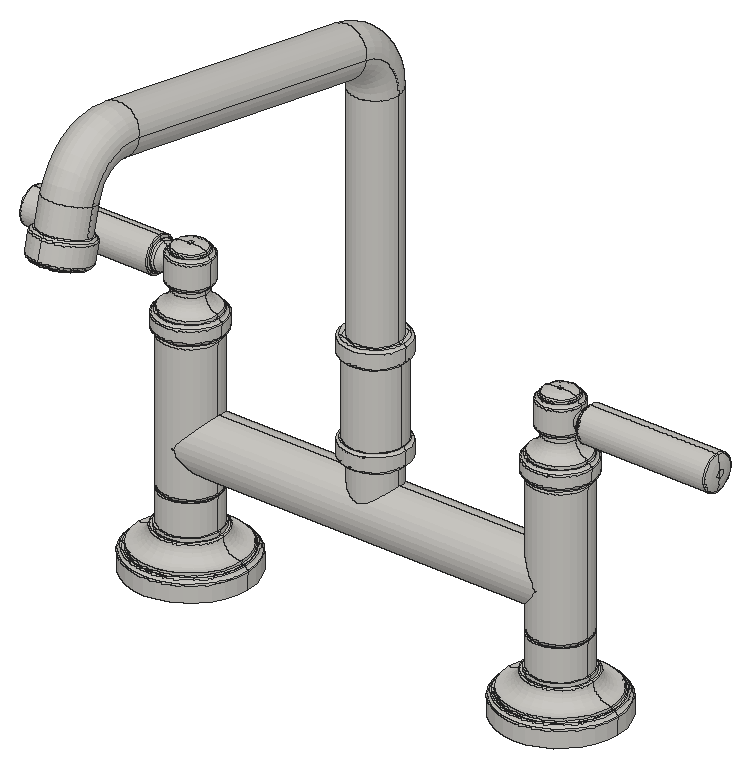
Revit family "Faucet-Kitchen-KALLISTA-Quincy-P25001", category Plumbing Fixtures, host Face, Revit 2022
Family settings
  Host = Face
  Round Connector Dimension = Use Diameter
  Part Type = Normal
  OmniClass Number = 23.31.11.00
  OmniClass Title = Faucets
  Cut with Voids When Loaded = No
  Maintain Annotation Orientation = No
  Shared = No
  Room Calculation Point = No
Parameters (values of type "AD-Nickel Silver")
  Width = Faucet Hole Spacing  # 8"
  WaterSense Certified = 1 = 0  # no
  Waste Water Outlet = "Waste Water Outlet"  # constant formula
  Waste Connection = 1 = 0  # no
  Vent Connection = 1 = 0  # no
  URL = "https://www.kallista.com/"
  Type = 1
  Spout Reach = 8.62205"  # constant formula
  Product Page URL = "https://www.kallista.com/products/luxury-kitchen/faucets/kitchen/quincy-deck-mount-bridge-faucet-lever-handles-p25001-00/ad-nickel-silver"
  Product Name = "Quincy"  # constant formula
  Product Documentation Link = "https://techcomm.kohler.com/techcomm/pdf/1140092-4.pdf"
  Pressure = 60.00 psi  # constant formula
  Model = if(Type = 1, "P25001-00-AD", if(Type = 2, "P25001-00-AG", if(Type = 3, "P25001-00-CP", if(Type = 4, "P25001-00-ULB", "NA"))))  # "P25001-00-AD"
  Material = "Premium Metal Construction"  # constant formula
  Master Format 2014 Name = "Residential Faucets, Supplies, and Trim"  # constant formula
  Master Format 2014 = "22 41 39"  # constant formula
  Manufacturer Address = "444 Highland Dr, Kohler, WI 53044"  # constant formula
  Manufacturer = "Kallista Co."  # constant formula
  Length = Spout Reach  # 8.62205"
  Hot Water Inlet = "Hot Water Inlet"  # constant formula
  Height = 13.46457"  # constant formula
  Handle Clearance = 3.44016"  # constant formula
  HW Connection = 1 = 1  # yes
  Flow Rate = 1.75 GPM  # constant formula
  Finish = Kallista-Metal-AD-Nickel_Silver
  Faucet Hole Spacing = 8"  # constant formula
  Environmental Product Declaration = ""
  Drain Included = 1 = 0  # no
  Description = "Deck-Mount Bridge Faucet, Lever Handles "  # constant formula
  Default Elevation = 36"
  Declare Label = ""
  Date Modified = "05/11/2025"  # constant formula
  Date Created = "05/11/2025"  # constant formula
  Copyright = "Copyright Kallista Co."  # constant formula
  Contact Us = "https://www.kallista.com/corporate/contact-us/"
  Cold Water Inlet = "Cold Water Inlet"  # constant formula
  CW Connection = 1 = 1  # yes
  Assembly Code = "D2010"
  ADA Compliant = 1 = 1  # yes
Reference planes (in)
  plane 1 "Center (Front/Back)": y = 0
  plane 2: z = 0
  plane 3 "Center (Left/Right)": x = 0
  plane 4: y = 1.12008
  plane 5: y = -1.12008
  plane 6: x = 2.74606
  plane 7: y = 0.59449
  plane 8: y = -0.59449
  plane 9: x = -2.74606
  plane 10: x = -5.24606
  plane 11: y = -8.64961
  plane 12: x = -0.5
  plane 13: x = 0.5
  plane 14: x = 3.40748
  plane 15: x = 5.24606
  plane 16: x = -4
  plane 17: x = 4
  plane 18: z = 6.29134
  plane 19: z = 8.74803
  plane 20: y = -8.14961
  plane 21: x = 4.59252
  plane 22: x = -3.40748
  plane 23: z = 5.3189
  plane 24: y = 0.13976
  plane 25: y = -0.13976
  plane 26: x = -4.59252
  plane 27: y = 1.22244
  plane 28: y = -1.27756
  plane 29: x = 7.44016
  plane 30: x = -7.44016
  plane 31: y = -9.13278
  plane 32: z = 13.46457
Dimensions and locks (in)
  plane 4 to plane 5 = 2.24016"
  "Width": plane 16 to plane 17
  plane 24 to plane 25 = 0.27953"
  plane 12 to plane 13 = 1"
  plane 8 to plane 7 = 1.18898"
  plane 18 to level = 6.29134"
  plane 23 to level = 5.3189"
  plane 26 to plane 22 = 1.18504"
  plane 19 to level = 8.74803"
  "Height": plane 32 to level
  "Handle Clearance": plane 30 to plane 16
  "Handle Clearance": plane 17 to plane 29
  "Length": nested 1 to plane 11
  aligned and locked: plane 2 to host face
  aligned and locked: level to host face
  aligned and locked: plane 3 "Center (Left/Right)" to nested 1
Automatic sketch dimensions
  host sketch curve to host sketch curve = 96"  (x2)
Nested families (in)
  nested 1: "P25001" at (0, -0.02756, 0), type "P25001"
Connectors (in)
  piping at (-4, 0, 0), diameter 0.375, driven by "Flow Rate", driven by "Pressure", driven by "HW Connection", driven by "Hot Water Inlet"
    settings: on nested 1, index 1, connector inside diameter 24", connector length 0", flow factor 0, pipe flow 1.75 GPM, pressure drop 60.00 psi, fitting loss kfactor 0, connector angle 0.00°, fixture units 0, engagement length 0", angle of deflection 0.00°, flow configuration 1, flow direction 1, fitting loss method 4, system type 19, joint type 0, gender type 0, connector reference index -1, connector utility 1, adjustable connector no, is connector primary yes, connector description "Hot Water Inlet"
  piping at (4, 0, 0), diameter 0.375, driven by "Pressure", driven by "Flow Rate", driven by "CW Connection", driven by "Cold Water Inlet"
    settings: on nested 1, index 2, connector inside diameter 24", connector length 0", flow factor 0, pipe flow 1.75 GPM, pressure drop 60.00 psi, fitting loss kfactor 0, connector angle 0.00°, fixture units 0, engagement length 0", angle of deflection 0.00°, flow configuration 0, flow direction 1, fitting loss method 4, system type 20, joint type 0, gender type 0, connector reference index -1, connector utility 1, adjustable connector no, is connector primary no, connector description "Cold Water Inlet"
Definition of nested family "P25001"
  Parameters (values of type "P25001")
    Material = none
    Default Elevation = 0"
  Reference planes (in)
    plane 1 "Center (Front/Back)": y = 0
    plane 2: z = 0
    plane 3 "Center (Left/Right)": x = 0
    plane 4: z = 13.46457
    plane 5: x = -3.99606
    plane 6: x = 3.99606
    plane 7: z = 5.48425
    plane 8: z = 6.27165
    plane 9: x = -0.5
    plane 10: x = 0.5
    plane 11: y = 1.25
    plane 12: y = -1.25
    plane 13: y = -8.53937
    plane 14: y = -9.10522
    plane 15: x = -5.24606
    plane 16: x = -2.74606
    plane 17: x = 5.24606
    plane 18: x = 2.74606
    plane 19: x = -7.44026
    plane 20: x = 7.44026
    plane 21: z = 5.81947
    plane 22: z = 2.55906
  Forms (in)
    Revolve 1, solid, material <- "Material", detail levels medium+fine
      sketch origin (0, 0, 0) x (1, 0, 0) y (0, 0, 1)
        loop
          line (-3.99606, 0) -> (-3.99606, 6.27165) -> (-4.05148, 6.27165)
          arc (-4.05148, 6.27165) -> (-4.19229, 6.25713) -> (-4.32717, 6.21416) r 0.68978
          arc (-4.32717, 6.21416) -> (-4.33929, 6.20394) -> (-4.34382, 6.18874) r 0.02773
          line (-4.34382, 6.18874) -> (-4.34382, 6.15134) -> (-4.38074, 6.15134)
          arc (-4.38074, 6.15134) -> (-4.39412, 6.11167) -> (-4.42879, 6.08822) r 0.06548
          arc (-4.42879, 6.08822) -> (-4.44136, 6.07972) -> (-4.44621, 6.06534) r 0.02374
          line (-4.44621, 6.06534) -> (-4.44621, 5.58727)
          arc (-4.44621, 5.58727) -> (-4.44136, 5.57289) -> (-4.42879, 5.56439) r 0.02374
          arc (-4.42879, 5.56439) -> (-4.39412, 5.54094) -> (-4.38074, 5.50127) r 0.06548
          line (-4.38074, 5.50127) -> (-4.33483, 5.50127) -> (-4.33483, 5.39059)
          arc (-4.33483, 5.39059) -> (-4.40194, 5.19192) -> (-4.57576, 5.07463) r 0.32765
          line (-4.57576, 5.07463) -> (-4.57576, 5.02027) -> (-4.61865, 5.02027)
          arc (-4.61865, 5.02027) -> (-4.63203, 4.98061) -> (-4.6667, 4.95716) r 0.06548
          arc (-4.6667, 4.95716) -> (-4.67927, 4.94865) -> (-4.68412, 4.93427) r 0.02374
          line (-4.68412, 4.93427) -> (-4.68412, 4.70227)
          arc (-4.68412, 4.70227) -> (-4.67927, 4.68789) -> (-4.6667, 4.67939) r 0.02374
          arc (-4.6667, 4.67939) -> (-4.63203, 4.65593) -> (-4.61865, 4.61627) r 0.06548
          line (-4.61865, 4.61627) -> (-4.58261, 4.61627)
          arc (-4.58261, 4.61627) -> (-4.56533, 4.60936) -> (-4.55759, 4.59244) r 0.02505
          arc (-4.55759, 4.59244) -> (-4.5842, 4.57382) -> (-4.59441, 4.54298) r 0.05163
          line (-4.59441, 4.54298) -> (-4.59441, 1.62914)
          arc (-4.59441, 1.62914) -> (-4.58472, 1.60486) -> (-4.56097, 1.59394) r 0.03524
          line (-4.56097, 1.59394) -> (-4.56097, 1.56116) -> (-4.59441, 1.56116) -> (-4.59441, 0.91091) -> (-4.63331, 0.91091) -> (-4.63331, 0.84032) -> (-4.68065, 0.84032)
          arc (-4.68065, 0.84032) -> (-4.69676, 0.83418) -> (-4.70469, 0.81888) r 0.0242
          arc (-4.70469, 0.81888) -> (-4.83758, 0.57761) -> (-5.1016, 0.4991) r 0.36301
          line (-5.1016, 0.4991) -> (-5.1016, 0.45203)
          arc (-5.1016, 0.45203) -> (-5.10771, 0.43731) -> (-5.12243, 0.4312) r 0.02083
          line (-5.12243, 0.4312) -> (-5.15812, 0.4312)
          arc (-5.15812, 0.4312) -> (-5.17262, 0.42654) -> (-5.18167, 0.4143) r 0.02486
          arc (-5.18167, 0.4143) -> (-5.20061, 0.38068) -> (-5.23054, 0.35632) r 0.10357
          arc (-5.23054, 0.35632) -> (-5.24189, 0.34544) -> (-5.24606, 0.33028) r 0.0296
          line (-5.24606, 0.33028) -> (-5.24606, 0) -> (-3.99606, 0)
        axis (-3.99606, 0) -> (-3.99606, 6.27165)
      angle from 0 to 360
    Revolve 2, solid, material <- "Material", detail levels medium+fine
      sketch origin (0, 0, 0) x (1, 0, 0) y (0, 0, 1)
        loop
          line (-7.44026, 5.81947) -> (-3.99606, 5.81947) -> (-3.99606, 6.01389) -> (-4.30655, 6.01389)
          arc (-4.30655, 6.01389) -> (-4.45538, 6.01065) -> (-4.56861, 6.10729) r 0.20899
          arc (-4.56861, 6.10729) -> (-4.58024, 6.11933) -> (-4.59639, 6.12376) r 0.03166
          line (-4.59639, 6.12376) -> (-4.64394, 6.12376) -> (-4.64394, 6.16679)
          arc (-4.64394, 6.16679) -> (-4.64983, 6.18102) -> (-4.66406, 6.18691) r 0.02012
          line (-4.66406, 6.18691) -> (-7.36715, 6.18691)
          arc (-7.36715, 6.18691) -> (-7.38316, 6.18184) -> (-7.39332, 6.16846) r 0.02778
          arc (-7.39332, 6.16846) -> (-7.42844, 6.0348) -> (-7.44026, 5.8971) r 0.80776
          line (-7.44026, 5.8971) -> (-7.44026, 5.81947)
        axis (-7.44026, 5.81947) -> (-3.99606, 5.81947)
      angle from 0 to 360
    Revolve 3, solid, material <- "Material", detail levels medium+fine
      sketch origin (0, 0, 0) x (-1, 0, 0) y (0, 0, -1)
        loop
          line (-3.99606, 0) -> (-5.24606, 0) -> (-5.24606, -0.33028)
          arc (-5.24606, -0.33028) -> (-5.24189, -0.34544) -> (-5.23054, -0.35632) r 0.0296
          arc (-5.23054, -0.35632) -> (-5.20061, -0.38068) -> (-5.18167, -0.4143) r 0.10357
          arc (-5.18167, -0.4143) -> (-5.17262, -0.42654) -> (-5.15812, -0.4312) r 0.02486
          line (-5.15812, -0.4312) -> (-5.12243, -0.4312)
          arc (-5.12243, -0.4312) -> (-5.10771, -0.43731) -> (-5.1016, -0.45203) r 0.02083
          line (-5.1016, -0.45203) -> (-5.1016, -0.4991)
          arc (-5.1016, -0.4991) -> (-4.83758, -0.57761) -> (-4.70469, -0.81888) r 0.36301
          arc (-4.70469, -0.81888) -> (-4.69676, -0.83418) -> (-4.68065, -0.84032) r 0.0242
          line (-4.68065, -0.84032) -> (-4.63331, -0.84032) -> (-4.63331, -0.91091) -> (-4.59441, -0.91091) -> (-4.59441, -1.56116) -> (-4.56097, -1.56116) -> (-4.56097, -1.59394)
          arc (-4.56097, -1.59394) -> (-4.58472, -1.60486) -> (-4.59441, -1.62914) r 0.03524
          line (-4.59441, -1.62914) -> (-4.59441, -4.54298)
          arc (-4.59441, -4.54298) -> (-4.5842, -4.57382) -> (-4.55759, -4.59244) r 0.05163
          arc (-4.55759, -4.59244) -> (-4.56533, -4.60936) -> (-4.58261, -4.61627) r 0.02505
          line (-4.58261, -4.61627) -> (-4.61865, -4.61627)
          arc (-4.61865, -4.61627) -> (-4.63203, -4.65593) -> (-4.6667, -4.67939) r 0.06548
          arc (-4.6667, -4.67939) -> (-4.67927, -4.68789) -> (-4.68412, -4.70227) r 0.02374
          line (-4.68412, -4.70227) -> (-4.68412, -4.93427)
          arc (-4.68412, -4.93427) -> (-4.67927, -4.94865) -> (-4.6667, -4.95716) r 0.02374
          arc (-4.6667, -4.95716) -> (-4.63203, -4.98061) -> (-4.61865, -5.02027) r 0.06548
          line (-4.61865, -5.02027) -> (-4.57576, -5.02027) -> (-4.57576, -5.07463)
          arc (-4.57576, -5.07463) -> (-4.40194, -5.19192) -> (-4.33483, -5.39059) r 0.32765
          line (-4.33483, -5.39059) -> (-4.33483, -5.50127) -> (-4.38074, -5.50127)
          arc (-4.38074, -5.50127) -> (-4.39412, -5.54094) -> (-4.42879, -5.56439) r 0.06548
          arc (-4.42879, -5.56439) -> (-4.44136, -5.57289) -> (-4.44621, -5.58727) r 0.02374
          line (-4.44621, -5.58727) -> (-4.44621, -6.06534)
          arc (-4.44621, -6.06534) -> (-4.44136, -6.07972) -> (-4.42879, -6.08822) r 0.02374
          arc (-4.42879, -6.08822) -> (-4.39412, -6.11167) -> (-4.38074, -6.15134) r 0.06548
          line (-4.38074, -6.15134) -> (-4.34382, -6.15134) -> (-4.34382, -6.18874)
          arc (-4.34382, -6.18874) -> (-4.33929, -6.20394) -> (-4.32717, -6.21416) r 0.02773
          arc (-4.32717, -6.21416) -> (-4.19229, -6.25713) -> (-4.05148, -6.27165) r 0.68978
          line (-4.05148, -6.27165) -> (-3.99606, -6.27165) -> (-3.99606, 0)
        axis (-3.99606, 0) -> (-3.99606, -6.27165)
      angle from 0 to 360
    Revolve 4, solid, material <- "Material", detail levels medium+fine
      sketch origin (0, 0, 0) x (-1, 0, 0) y (0, 0, -1)
        loop
          line (-7.44026, -5.81947) -> (-7.44026, -5.8971)
          arc (-7.44026, -5.8971) -> (-7.42844, -6.0348) -> (-7.39332, -6.16846) r 0.80776
          arc (-7.39332, -6.16846) -> (-7.38316, -6.18184) -> (-7.36715, -6.18691) r 0.02778
          line (-7.36715, -6.18691) -> (-4.66406, -6.18691)
          arc (-4.66406, -6.18691) -> (-4.64983, -6.18102) -> (-4.64394, -6.16679) r 0.02012
          line (-4.64394, -6.16679) -> (-4.64394, -6.12376) -> (-4.59639, -6.12376)
          arc (-4.59639, -6.12376) -> (-4.58024, -6.11933) -> (-4.56861, -6.10729) r 0.03166
          arc (-4.56861, -6.10729) -> (-4.45538, -6.01065) -> (-4.30655, -6.01389) r 0.20899
          line (-4.30655, -6.01389) -> (-3.99606, -6.01389) -> (-3.99606, -5.81947) -> (-7.44026, -5.81947)
        axis (-7.44026, -5.81947) -> (-3.99606, -5.81947)
      angle from 0 to 360
    Revolve 5, solid, material <- "Material", detail levels medium+fine
      sketch origin (0, 0, 0) x (1, 0, 0) y (0, 0, 1)
        loop
          line (-3.99606, 2.55906) -> (3.99606, 2.55906) -> (3.99606, 3.14961) -> (-3.99606, 3.14961) -> (-3.99606, 2.55906)
        axis (-3.99606, 2.55906) -> (3.99606, 2.55906)
      angle from 0 to 360
    Revolve 6, solid, material <- "Material", detail levels medium+fine
      sketch origin (0, 0, 0) x (1, 0, 0) y (0, 0, 1)
        loop
          line (0, 2.51649) -> (0, 5.93137) -> (-0.57689, 5.93137) -> (-0.61283, 5.93137)
          arc (-0.61283, 5.93137) -> (-0.62756, 5.89579) -> (-0.66314, 5.88106) r 0.05031
          line (-0.66314, 5.88106) -> (-0.66314, 5.59792)
          arc (-0.66314, 5.59792) -> (-0.62756, 5.58318) -> (-0.61283, 5.54761) r 0.05031
          line (-0.61283, 5.54761) -> (-0.58046, 5.54761) -> (-0.58046, 3.9346) -> (-0.61283, 3.9346)
          arc (-0.61283, 3.9346) -> (-0.62756, 3.89902) -> (-0.66314, 3.88429) r 0.05031
          line (-0.66314, 3.88429) -> (-0.66314, 3.60115)
          arc (-0.66314, 3.60115) -> (-0.62756, 3.58641) -> (-0.61283, 3.55084) r 0.05031
          line (-0.61283, 3.55084) -> (-0.5, 3.55084) -> (-0.5, 2.51649) -> (0, 2.51649)
        axis (0, 2.51649) -> (0, 5.93137)
      angle from 0 to 360
    Sweep 7, solid, material <- "Material", detail levels medium+fine
      path origin (0, 0, 0) x (0, 1, 0) y (0, 0, 1)
        loop
          line (0.49193, 5.93137) -> (0.49193, 10.69918)
          arc (0.49193, 10.69918) -> (0.13229, 11.70088) -> (-0.78238, 12.24505) r 1.5748
          line (-0.78238, 12.24505) -> (-6.91339, 13.43679)
          arc (-6.91339, 13.43679) -> (-8.04839, 13.22643) -> (-8.73502, 12.29851) r 1.5748
          line (-8.73502, 12.29851) -> (-8.89938, 11.68509)
      profile origin (0, 0.49193, 8.31527) x (0, -1, 0) y (1, 0, 0)
        loop
          circle (0.49193, 0) r 0.5
    Revolve 8, solid, material <- "Material", detail levels medium+fine
      sketch origin (0, 0, 0) x (0, 1, 0) y (0, 0, 1)
        loop
          line (-8.49009, 11.23605) -> (-8.39192, 11.60243) -> (-8.88843, 11.73547)
          arc (-8.88843, 11.73547) -> (-8.9042, 11.73561) -> (-8.91807, 11.72809) r 0.03152
          arc (-8.91807, 11.72809) -> (-8.94428, 11.70921) -> (-8.97437, 11.69746) r 0.12862
          arc (-8.97437, 11.69746) -> (-8.9899, 11.68873) -> (-8.99887, 11.67333) r 0.03393
          line (-8.99887, 11.67333) -> (-9.10074, 11.29316)
          arc (-9.10074, 11.29316) -> (-9.10063, 11.2761) -> (-9.09182, 11.2615) r 0.03219
          arc (-9.09182, 11.2615) -> (-9.07122, 11.23674) -> (-9.05691, 11.2079) r 0.13829
          arc (-9.05691, 11.2079) -> (-9.0468, 11.19264) -> (-9.03076, 11.18381) r 0.03831
          line (-9.03076, 11.18381) -> (-8.96621, 11.16652) -> (-8.92558, 11.31817) -> (-8.88987, 11.34317) -> (-8.49009, 11.23605)
        axis (-8.39192, 11.60243) -> (-8.53937, 11.05214)
      angle from 0 to 360
    Extrusion 9, solid, detail levels medium+fine
      sketch origin (0, -8.53937, 11.05214) x (0, -0.965926, 0.258819) y (-1, 0, 0)
        loop
          circle (0.01342, 0) r 0.025
        loop
          circle (0.08842, 0.1299) r 0.025
        loop
          circle (-0.06158, 0.1299) r 0.025
        loop
          circle (-0.05801, 0.22494) r 0.025
        loop
          circle (-0.09425, 0.30712) r 0.025
        loop
          circle (0.04959, 0.32343) r 0.025
        loop
          circle (0.18627, 0.27575) r 0.025
        loop
          circle (0.28875, 0.17351) r 0.025
        loop
          circle (0.33675, 0.03695) r 0.025
        loop
          circle (0.32042, -0.108) r 0.025
        loop
          circle (0.24942, -0.00158) r 0.025
        loop
          circle (0.20528, 0.13744) r 0.025
        loop
          circle (0.08785, 0.22396) r 0.025
        loop
          circle (-0.21678, 0.23005) r 0.025
        loop
          circle (-0.29377, 0.10746) r 0.025
        loop
          circle (-0.17658, 0.14) r 0.025
        loop
          circle (-0.13658, 0) r 0.025
        loop
          circle (-0.22259, 0.00158) r 0.025
        loop
          circle (-0.30999, -0.03638) r 0.025
        loop
          circle (-0.26222, -0.17303) r 0.025
        loop
          circle (-0.17845, -0.13744) r 0.025
        loop
          circle (-0.06158, -0.1299) r 0.025
        loop
          circle (0.08484, -0.22494) r 0.025
        loop
          circle (-0.06102, -0.22396) r 0.025
        loop
          circle (-0.15992, -0.27544) r 0.025
        loop
          circle (-0.02332, -0.32336) r 0.025
        loop
          circle (0.16342, 0) r 0.025
        loop
          circle (0.08842, -0.1299) r 0.025
        loop
          circle (0.20342, -0.14) r 0.025
        loop
          circle (0.24321, -0.23045) r 0.025
        loop
          circle (0.12054, -0.30731) r 0.025
        loop
          circle (0.01342, 0) r 0.3937
      from -0.34231 to -0.00731
    Extrusion 10, solid, detail levels medium+fine
      sketch origin (0, -8.53937, 11.05214) x (0, -0.965926, 0.258819) y (-1, 0, 0)
        loop
          arc (0.4419, 0) -> (0.44024, 0.03822) -> (0.43529, 0.07615) r 0.4419
          line (0.43529, 0.07615) -> (0.40082, 0.07012)
          arc (0.40082, 0.07012) -> (0.40554, 0.0352) -> (0.40712, 0) r 0.3937
          arc (0.40712, 0) -> (0.40554, -0.0352) -> (0.40082, -0.07012) r 0.3937
          line (0.40082, -0.07012) -> (0.43529, -0.07615)
          arc (0.43529, -0.07615) -> (0.44024, -0.03822) -> (0.4419, 0) r 0.4419
        loop
          arc (-0.4419, 0) -> (-0.44, -0.0409) -> (-0.43433, -0.08144) r 0.4419
          line (-0.43433, -0.08144) -> (-0.37399, -0.07012)
          arc (-0.37399, -0.07012) -> (-0.37871, -0.0352) -> (-0.38029, 0) r 0.3937
          arc (-0.38029, 0) -> (-0.37871, 0.0352) -> (-0.37399, 0.07012) r 0.3937
          line (-0.37399, 0.07012) -> (-0.43433, 0.08144)
          arc (-0.43433, 0.08144) -> (-0.44, 0.0409) -> (-0.4419, 0) r 0.4419
        loop
          line (0.33623, 0.22536) -> (0.36707, 0.24603)
          arc (0.36707, 0.24603) -> (0.31916, 0.30563) -> (0.26169, 0.35608) r 0.4419
          line (0.26169, 0.35608) -> (0.23777, 0.32352)
          arc (0.23777, 0.32352) -> (0.29137, 0.27882) -> (0.33623, 0.22536) r 0.3937
        loop
          arc (0.33842, -0.22219) -> (0.29273, -0.27746) -> (0.23777, -0.32352) r 0.3937
          line (0.23777, -0.32352) -> (0.26664, -0.35239)
          arc (0.26664, -0.35239) -> (0.32456, -0.29989) -> (0.37233, -0.238) r 0.4419
          line (0.37233, -0.238) -> (0.33842, -0.22219)
        loop
          line (0.08207, 0.38767) -> (0.09152, 0.43232)
          arc (0.09152, 0.43232) -> (0.01041, 0.44178) -> (-0.07105, 0.43615) r 0.4419
          line (-0.07105, 0.43615) -> (-0.06292, 0.38623)
          arc (-0.06292, 0.38623) -> (0.00951, 0.39368) -> (0.08207, 0.38767) r 0.3937
        loop
          line (-0.21094, 0.32352) -> (-0.24135, 0.37017)
          arc (-0.24135, 0.37017) -> (-0.30888, 0.31602) -> (-0.36456, 0.24974) r 0.4419
          line (-0.36456, 0.24974) -> (-0.31011, 0.22435)
          arc (-0.31011, 0.22435) -> (-0.26497, 0.27839) -> (-0.21094, 0.32352) r 0.3937
        loop
          line (-0.31011, -0.22435) -> (-0.35803, -0.25902)
          arc (-0.35803, -0.25902) -> (-0.30901, -0.3159) -> (-0.25106, -0.36365) r 0.4419
          line (-0.25106, -0.36365) -> (-0.21094, -0.32352)
          arc (-0.21094, -0.32352) -> (-0.26497, -0.27839) -> (-0.31011, -0.22435) r 0.3937
        loop
          line (-0.05991, -0.38681) -> (-0.07304, -0.43582)
          arc (-0.07304, -0.43582) -> (0.00966, -0.44179) -> (0.09202, -0.43221) r 0.4419
          line (0.09202, -0.43221) -> (0.08252, -0.38759)
          arc (0.08252, -0.38759) -> (0.01127, -0.39369) -> (-0.05991, -0.38681) r 0.3937
      from -0.5182 to 0
    Revolve 11, solid, material <- "Material", detail levels coarse
      sketch origin (0, 0, 0) x (1, 0, 0) y (0, 0, 1)
        loop
          line (-3.99606, 0) -> (-2.74606, 0) -> (-2.74606, 0.8389) -> (-3.31439, 0.8389) -> (-3.31439, 5.48425) -> (-3.54417, 5.48425) -> (-3.54417, 6.27165) -> (-3.99606, 6.27165) -> (-3.99606, 0)
        axis (-3.99606, 0) -> (-3.99606, 6.27165)
      angle from 0 to 360
    Revolve 12, solid, material <- "Material", detail levels coarse
      sketch origin (0, 0, 0) x (-1, 0, 0) y (0, 0, -1)
        loop
          line (-3.99606, 0) -> (-3.99606, -6.27165) -> (-3.54417, -6.27165) -> (-3.54417, -5.48425) -> (-3.31439, -5.48425) -> (-3.31439, -0.8389) -> (-2.74606, -0.8389) -> (-2.74606, 0) -> (-3.99606, 0)
        axis (-3.99606, 0) -> (-3.99606, -6.27165)
      angle from 0 to 360
    Revolve 13, solid, material <- "Material", detail levels coarse
      sketch origin (0, 0, 0) x (1, 0, 0) y (0, 0, 1)
        loop
          line (-3.89696, 5.81947) -> (-7.44026, 5.81947) -> (-7.44026, 5.48425) -> (-3.89696, 5.48425) -> (-3.89696, 5.81947)
        axis (-3.89696, 5.81947) -> (-7.44026, 5.81947)
      angle from 0 to 360
    Revolve 14, solid, material <- "Material", detail levels coarse
      sketch origin (0, 0, 0) x (-1, 0, 0) y (0, 0, -1)
        loop
          line (-3.99606, 0) -> (-3.99606, -6.27165) -> (-3.54417, -6.27165) -> (-3.54417, -5.48425) -> (-3.31439, -5.48425) -> (-3.31439, -0.8389) -> (-2.74606, -0.8389) -> (-2.74606, 0) -> (-3.99606, 0)
        axis (-3.99606, 0) -> (-3.99606, -6.27165)
      angle from 0 to 360
    Revolve 15, solid, material <- "Material", detail levels coarse
      sketch origin (0, 0, 0) x (-1, 0, 0) y (0, 0, -1)
        loop
          line (-3.89696, -5.81947) -> (-3.89696, -5.48425) -> (-7.44026, -5.48425) -> (-7.44026, -5.81947) -> (-3.89696, -5.81947)
        axis (-3.89696, -5.81947) -> (-7.44026, -5.81947)
      angle from 0 to 360
    Revolve 16, solid, material <- "Material", detail levels coarse
      sketch origin (0, 0, 0) x (1, 0, 0) y (0, 0, 1)
        loop
          line (-3.99606, 2.55906) -> (3.99606, 2.55906) -> (3.99606, 3.14961) -> (-3.99606, 3.14961) -> (-3.99606, 2.55906)
        axis (-3.99606, 2.55906) -> (3.99606, 2.55906)
      angle from 0 to 360
    Sweep 17, solid, material <- "Material", detail levels coarse
      path origin (0, 0, 0) x (0, 1, 0) y (0, 0, 1)
        loop
          line (0.49193, 5.93137) -> (0.49193, 10.69918)
          arc (0.49193, 10.69918) -> (0.13229, 11.70088) -> (-0.78238, 12.24505) r 1.5748
          line (-0.78238, 12.24505) -> (-6.91339, 13.43679)
          arc (-6.91339, 13.43679) -> (-8.04839, 13.22643) -> (-8.73502, 12.29851) r 1.5748
          line (-8.73502, 12.29851) -> (-8.89938, 11.68509)
      profile origin (0, 0.49193, 8.31527) x (0, -1, 0) y (1, 0, 0)
        loop
          circle (0.49193, 0) r 0.5
    Revolve 18, solid, material <- "Material", detail levels coarse
      sketch origin (0, 0, 0) x (1, 0, 0) y (0, 0, 1)
        loop
          line (0, 2.41659) -> (0, 5.93137) -> (-0.66314, 5.93137) -> (-0.66314, 3.55084) -> (-0.5192, 3.55084) -> (-0.5192, 2.41659) -> (0, 2.41659)
        axis (0, 2.41659) -> (0, 5.93137)
      angle from 0 to 360
  Lines and regions (in)
    Masking region 1
      outline origin (0, 0, 0) x (1, 0, 0) y (0, 1, 0)
        loop
          arc (-2.89579, 0.59322) -> (-4.11696, 1.24414) -> (-5.18996, 0.37029) r 1.25
          line (-5.18996, 0.37029) -> (-7.39103, 0.37029)
          arc (-7.39103, 0.37029) -> (-7.44026, 0) -> (-7.39103, -0.37029) r 1.41705
          line (-7.39103, -0.37029) -> (-5.18996, -0.37029)
          arc (-5.18996, -0.37029) -> (-4.11696, -1.24414) -> (-2.89579, -0.59322) r 1.25
          line (-2.89579, -0.59322) -> (-0.5, -0.59322) -> (-0.5, -8.12785)
          arc (-0.5, -8.12785) -> (-0.57049, -8.28949) -> (-0.59012, -8.46474) r 0.59055
          arc (-0.59012, -8.46474) -> (0, -9.07793) -> (0.59012, -8.46474) r 0.59055
          arc (0.59012, -8.46474) -> (0.57049, -8.28949) -> (0.5, -8.12785) r 0.59055
          line (0.5, -8.12785) -> (0.5, -0.59322) -> (2.89579, -0.59322)
          arc (2.89579, -0.59322) -> (4.11696, -1.24414) -> (5.18996, -0.37029) r 1.25
          line (5.18996, -0.37029) -> (7.39103, -0.37029)
          arc (7.39103, -0.37029) -> (7.44026, 0) -> (7.39103, 0.37029) r 1.41705
          line (7.39103, 0.37029) -> (5.18996, 0.37029)
          arc (5.18996, 0.37029) -> (4.11696, 1.24414) -> (2.89579, 0.59322) r 1.25
          line (2.89579, 0.59322) -> (0.29639, 0.59322)
          arc (0.29639, 0.59322) -> (0, 0.66314) -> (-0.29639, 0.59322) r 0.66314
          line (-0.29639, 0.59322) -> (-2.89579, 0.59322)
    Masking region 2
      outline origin (0, 0, 0) x (1, 0, 0) y (0, 0, 1)
        loop
          line (-3.99606, 0) -> (-2.74606, 0) -> (-2.74606, 0.34517)
          arc (-2.74606, 0.34517) -> (-2.79104, 0.37977) -> (-2.81553, 0.43096) r 0.12216
          line (-2.81553, 0.43096) -> (-2.88883, 0.43096) -> (-2.88883, 0.50098)
          arc (-2.88883, 0.50098) -> (-3.15855, 0.5889) -> (-3.29197, 0.83925) r 0.37954
          line (-3.29197, 0.83925) -> (-3.35909, 0.83925) -> (-3.35909, 0.91111) -> (-3.39615, 0.91111) -> (-3.39615, 1.57158) -> (-3.42796, 1.57158) -> (-3.42796, 1.60369)
          arc (-3.42796, 1.60369) -> (-3.40505, 1.61846) -> (-3.39615, 1.64423) r 0.04174
          line (-3.39615, 1.64423) -> (-3.39615, 1.83468)
          arc (-3.39615, 1.83468) -> (-3.36069, 1.92029) -> (-3.27508, 1.95575) r 0.12107
          line (-3.27508, 1.95575) -> (0, 1.95575) -> (3.27508, 1.95575)
          arc (3.27508, 1.95575) -> (3.36069, 1.92029) -> (3.39615, 1.83468) r 0.12107
          line (3.39615, 1.83468) -> (3.39615, 1.64423)
          arc (3.39615, 1.64423) -> (3.40505, 1.61846) -> (3.42796, 1.60369) r 0.04174
          line (3.42796, 1.60369) -> (3.42796, 1.57158) -> (3.39615, 1.57158) -> (3.39615, 0.91111) -> (3.35909, 0.91111) -> (3.35909, 0.83925) -> (3.29197, 0.83925)
          arc (3.29197, 0.83925) -> (3.15855, 0.5889) -> (2.88883, 0.50098) r 0.37954
          line (2.88883, 0.50098) -> (2.88883, 0.43096) -> (2.81553, 0.43096)
          arc (2.81553, 0.43096) -> (2.79104, 0.37977) -> (2.74606, 0.34517) r 0.12216
          line (2.74606, 0.34517) -> (2.74606, 0) -> (3.99606, 0) -> (5.24606, 0) -> (5.24606, 0.34517)
          arc (5.24606, 0.34517) -> (5.20109, 0.37977) -> (5.1766, 0.43096) r 0.12216
          line (5.1766, 0.43096) -> (5.10329, 0.43096) -> (5.10329, 0.50098)
          arc (5.10329, 0.50098) -> (4.83358, 0.5889) -> (4.70016, 0.83925) r 0.37954
          line (4.70016, 0.83925) -> (4.63303, 0.83925) -> (4.63303, 0.91111) -> (4.59598, 0.91111) -> (4.59598, 1.57158) -> (4.56416, 1.57158) -> (4.56416, 1.60369)
          arc (4.56416, 1.60369) -> (4.58707, 1.61846) -> (4.59598, 1.64423) r 0.04174
          line (4.59598, 1.64423) -> (4.59598, 4.52348)
          arc (4.59598, 4.52348) -> (4.59086, 4.56988) -> (4.57576, 4.61405) r 0.21297
          line (4.57576, 4.61405) -> (4.61408, 4.61405)
          arc (4.61408, 4.61405) -> (4.63272, 4.65905) -> (4.67773, 4.6777) r 0.06365
          line (4.67773, 4.6777) -> (4.67773, 4.87955) -> (4.67773, 4.9564)
          arc (4.67773, 4.9564) -> (4.63272, 4.97504) -> (4.61408, 5.02005) r 0.06365
          line (4.61408, 5.02005) -> (4.57576, 5.02005) -> (4.57576, 5.07463)
          arc (4.57576, 5.07463) -> (4.40836, 5.22016) -> (4.34598, 5.43302) r 0.39438
          line (4.34598, 5.43302) -> (4.34598, 5.4876) -> (4.38431, 5.4876)
          arc (4.38431, 5.4876) -> (4.40295, 5.5326) -> (4.44796, 5.55125) r 0.06365
          line (4.44796, 5.55125) -> (4.44796, 5.6281) -> (4.4367, 5.65903)
          arc (4.4367, 5.65903) -> (4.52119, 5.61479) -> (4.57425, 5.53555) r 0.19332
          line (4.57425, 5.53555) -> (4.64537, 5.53555) -> (4.64537, 5.48425) -> (7.37171, 5.48425)
          arc (7.37171, 5.48425) -> (7.38996, 5.49033) -> (7.40093, 5.50614) r 0.03044
          arc (7.40093, 5.50614) -> (7.43038, 5.64196) -> (7.44026, 5.78059) r 0.97705
          line (7.44026, 5.78059) -> (7.44026, 5.81947) -> (7.44026, 5.88676)
          arc (7.44026, 5.88676) -> (7.43038, 6.02538) -> (7.40093, 6.16121) r 0.97705
          arc (7.40093, 6.16121) -> (7.38996, 6.17702) -> (7.37171, 6.1831) r 0.03044
          line (7.37171, 6.1831) -> (4.64537, 6.1831) -> (4.64537, 6.13179) -> (4.57425, 6.13179)
          arc (4.57425, 6.13179) -> (4.52547, 6.05651) -> (4.44796, 6.01135) r 0.19332
          line (4.44796, 6.01135) -> (4.44796, 6.08768)
          arc (4.44796, 6.08768) -> (4.40295, 6.10633) -> (4.38431, 6.15134) r 0.06365
          line (4.38431, 6.15134) -> (4.34598, 6.15134) -> (4.34598, 6.20592)
          arc (4.34598, 6.20592) -> (4.20879, 6.255) -> (4.06403, 6.27165) r 0.63754
          line (4.06403, 6.27165) -> (3.99606, 6.27165) -> (3.9281, 6.27165)
          arc (3.9281, 6.27165) -> (3.78334, 6.255) -> (3.64614, 6.20592) r 0.63754
          line (3.64614, 6.20592) -> (3.64614, 6.15134) -> (3.60782, 6.15134)
          arc (3.60782, 6.15134) -> (3.58918, 6.10633) -> (3.54417, 6.08768) r 0.06365
          line (3.54417, 6.08768) -> (3.54417, 6.01083) -> (3.54417, 5.55125)
          arc (3.54417, 5.55125) -> (3.58918, 5.5326) -> (3.60782, 5.4876) r 0.06365
          line (3.60782, 5.4876) -> (3.64614, 5.4876) -> (3.64614, 5.43302)
          arc (3.64614, 5.43302) -> (3.58377, 5.22016) -> (3.41637, 5.07463) r 0.39438
          line (3.41637, 5.07463) -> (3.41637, 5.02005) -> (3.37804, 5.02005)
          arc (3.37804, 5.02005) -> (3.3594, 4.97504) -> (3.31439, 4.9564) r 0.06365
          line (3.31439, 4.9564) -> (3.31439, 4.87955) -> (3.31439, 4.6777)
          arc (3.31439, 4.6777) -> (3.3594, 4.65905) -> (3.37804, 4.61405) r 0.06365
          line (3.37804, 4.61405) -> (3.41637, 4.61405)
          arc (3.41637, 4.61405) -> (3.40127, 4.56988) -> (3.39615, 4.52348) r 0.21297
          line (3.39615, 4.52348) -> (3.39615, 3.28343)
          arc (3.39615, 3.28343) -> (3.36069, 3.19782) -> (3.27508, 3.16236) r 0.12107
          line (3.27508, 3.16236) -> (0.62064, 3.16236)
          arc (0.62064, 3.16236) -> (0.53533, 3.19769) -> (0.5, 3.283) r 0.12064
          line (0.5, 3.283) -> (0.5, 3.55084) -> (0.61283, 3.55084)
          arc (0.61283, 3.55084) -> (0.63251, 3.58146) -> (0.66314, 3.60115) r 0.08567
          line (0.66314, 3.60115) -> (0.66314, 3.88429)
          arc (0.66314, 3.88429) -> (0.63312, 3.90458) -> (0.61283, 3.9346) r 0.09551
          line (0.61283, 3.9346) -> (0.58046, 3.9346) -> (0.58046, 5.54761) -> (0.61283, 5.54761)
          arc (0.61283, 5.54761) -> (0.62756, 5.58318) -> (0.66314, 5.59792) r 0.05031
          line (0.66314, 5.59792) -> (0.66314, 5.88106)
          arc (0.66314, 5.88106) -> (0.62756, 5.89579) -> (0.61283, 5.93137) r 0.05031
          line (0.61283, 5.93137) -> (0.5, 5.93137) -> (0.5, 11.00644)
          spline (0.5, 11.00644) -> (0.50568, 11.01069) -> (0.51082, 11.01499) -> (0.51543, 11.01933) -> (0.51949, 11.02371) -> (0.523, 11.02812) -> (0.52595, 11.03256) -> (0.52835, 11.03702) -> (0.53019, 11.0415) -> (0.53147, 11.04599) -> (0.53218, 11.05049) -> (0.53234, 11.05499) -> (0.53193, 11.05949)
          spline (0.53193, 11.05949) -> (0.54084, 11.0645) -> (0.54902, 11.06959) -> (0.55645, 11.07475) -> (0.56313, 11.07998) -> (0.56904, 11.08526) -> (0.57418, 11.0906) -> (0.57854, 11.09598) -> (0.58212, 11.1014) -> (0.58491, 11.10685) -> (0.5869, 11.11232) -> (0.5881, 11.1178) -> (0.5885, 11.12329)
          line (0.5885, 11.12329) -> (0.5885, 11.54918)
          spline (0.5885, 11.54918) -> (0.58804, 11.55501) -> (0.58668, 11.56084) -> (0.58442, 11.56665) -> (0.58125, 11.57243) -> (0.57719, 11.57817) -> (0.57223, 11.58387) -> (0.5664, 11.58952) -> (0.55969, 11.59511) -> (0.55211, 11.60062) -> (0.54369, 11.60606) -> (0.53442, 11.61141) -> (0.52434, 11.61666)
          spline (0.52434, 11.61666) -> (0.52398, 11.61966) -> (0.52326, 11.62265) -> (0.52219, 11.62564) -> (0.52076, 11.62863) -> (0.51898, 11.6316) -> (0.51684, 11.63456) -> (0.51436, 11.63751) -> (0.51152, 11.64044) -> (0.50833, 11.64336) -> (0.5048, 11.64626) -> (0.50092, 11.64913) -> (0.49671, 11.65199)
          line (0.49671, 11.65199) -> (0.49671, 12.96744)
          arc (0.49671, 12.96744) -> (0, 13.46415) -> (-0.49671, 12.96744) r 0.49671
          line (-0.49671, 12.96744) -> (-0.49671, 11.65199)
          spline (-0.49671, 11.65199) -> (-0.50092, 11.64913) -> (-0.5048, 11.64626) -> (-0.50833, 11.64336) -> (-0.51152, 11.64044) -> (-0.51436, 11.63751) -> (-0.51684, 11.63456) -> (-0.51898, 11.6316) -> (-0.52076, 11.62863) -> (-0.52219, 11.62564) -> (-0.52326, 11.62265) -> (-0.52398, 11.61966) -> (-0.52434, 11.61666)
          spline (-0.52434, 11.61666) -> (-0.53442, 11.61141) -> (-0.54369, 11.60606) -> (-0.55211, 11.60062) -> (-0.55969, 11.59511) -> (-0.5664, 11.58952) -> (-0.57223, 11.58387) -> (-0.57719, 11.57817) -> (-0.58125, 11.57243) -> (-0.58442, 11.56665) -> (-0.58668, 11.56084) -> (-0.58804, 11.55501) -> (-0.5885, 11.54918)
          line (-0.5885, 11.54918) -> (-0.5885, 11.12329)
          spline (-0.5885, 11.12329) -> (-0.5881, 11.1178) -> (-0.5869, 11.11232) -> (-0.58491, 11.10685) -> (-0.58212, 11.1014) -> (-0.57854, 11.09598) -> (-0.57418, 11.0906) -> (-0.56904, 11.08526) -> (-0.56313, 11.07998) -> (-0.55645, 11.07475) -> (-0.54902, 11.06959) -> (-0.54084, 11.0645) -> (-0.53193, 11.05949)
          spline (-0.53193, 11.05949) -> (-0.53234, 11.05499) -> (-0.53218, 11.05049) -> (-0.53147, 11.04599) -> (-0.53019, 11.0415) -> (-0.52835, 11.03702) -> (-0.52595, 11.03256) -> (-0.523, 11.02812) -> (-0.51949, 11.02371) -> (-0.51543, 11.01933) -> (-0.51082, 11.01499) -> (-0.50568, 11.01069) -> (-0.5, 11.00644)
          line (-0.5, 11.00644) -> (-0.5, 5.93137) -> (-0.61283, 5.93137)
          arc (-0.61283, 5.93137) -> (-0.62756, 5.89579) -> (-0.66314, 5.88106) r 0.05031
          line (-0.66314, 5.88106) -> (-0.66314, 5.59792)
          arc (-0.66314, 5.59792) -> (-0.62756, 5.58318) -> (-0.61283, 5.54761) r 0.05031
          line (-0.61283, 5.54761) -> (-0.58046, 5.54761) -> (-0.58046, 3.9346) -> (-0.61283, 3.9346)
          arc (-0.61283, 3.9346) -> (-0.63312, 3.90458) -> (-0.66314, 3.88429) r 0.09551
          line (-0.66314, 3.88429) -> (-0.66314, 3.60115)
          arc (-0.66314, 3.60115) -> (-0.63251, 3.58146) -> (-0.61283, 3.55084) r 0.08567
          line (-0.61283, 3.55084) -> (-0.5, 3.55084) -> (-0.5, 3.26937)
          arc (-0.5, 3.26937) -> (-0.53134, 3.1937) -> (-0.60701, 3.16236) r 0.10701
          line (-0.60701, 3.16236) -> (-3.27508, 3.16236)
          arc (-3.27508, 3.16236) -> (-3.36069, 3.19782) -> (-3.39615, 3.28343) r 0.12107
          line (-3.39615, 3.28343) -> (-3.39615, 4.52348)
          arc (-3.39615, 4.52348) -> (-3.40127, 4.56988) -> (-3.41637, 4.61405) r 0.21297
          line (-3.41637, 4.61405) -> (-3.37804, 4.61405)
          arc (-3.37804, 4.61405) -> (-3.3594, 4.65905) -> (-3.31439, 4.6777) r 0.06365
          line (-3.31439, 4.6777) -> (-3.31439, 4.87955) -> (-3.31439, 4.9564)
          arc (-3.31439, 4.9564) -> (-3.3594, 4.97504) -> (-3.37804, 5.02005) r 0.06365
          line (-3.37804, 5.02005) -> (-3.41637, 5.02005) -> (-3.41637, 5.07463)
          arc (-3.41637, 5.07463) -> (-3.58377, 5.22016) -> (-3.64614, 5.43302) r 0.39438
          line (-3.64614, 5.43302) -> (-3.64614, 5.4876) -> (-3.60782, 5.4876)
          arc (-3.60782, 5.4876) -> (-3.58918, 5.5326) -> (-3.54417, 5.55125) r 0.06365
          line (-3.54417, 5.55125) -> (-3.54417, 6.01083) -> (-3.54417, 6.08768)
          arc (-3.54417, 6.08768) -> (-3.58918, 6.10633) -> (-3.60782, 6.15134) r 0.06365
          line (-3.60782, 6.15134) -> (-3.64614, 6.15134) -> (-3.64614, 6.20592)
          arc (-3.64614, 6.20592) -> (-3.78334, 6.255) -> (-3.9281, 6.27165) r 0.63754
          line (-3.9281, 6.27165) -> (-3.99606, 6.27165) -> (-4.06403, 6.27165)
          arc (-4.06403, 6.27165) -> (-4.20879, 6.255) -> (-4.34598, 6.20592) r 0.63754
          line (-4.34598, 6.20592) -> (-4.34598, 6.15134) -> (-4.38431, 6.15134)
          arc (-4.38431, 6.15134) -> (-4.40295, 6.10633) -> (-4.44796, 6.08768) r 0.06365
          line (-4.44796, 6.08768) -> (-4.44796, 6.01135)
          arc (-4.44796, 6.01135) -> (-4.52547, 6.05651) -> (-4.57425, 6.13179) r 0.19332
          line (-4.57425, 6.13179) -> (-4.64537, 6.13179) -> (-4.64537, 6.1831) -> (-7.37171, 6.1831)
          arc (-7.37171, 6.1831) -> (-7.38996, 6.17702) -> (-7.40093, 6.16121) r 0.03044
          arc (-7.40093, 6.16121) -> (-7.43038, 6.02538) -> (-7.44026, 5.88676) r 0.97705
          line (-7.44026, 5.88676) -> (-7.44026, 5.81947) -> (-7.44026, 5.78059)
          arc (-7.44026, 5.78059) -> (-7.43038, 5.64196) -> (-7.40093, 5.50614) r 0.97705
          arc (-7.40093, 5.50614) -> (-7.38996, 5.49033) -> (-7.37171, 5.48425) r 0.03044
          line (-7.37171, 5.48425) -> (-4.64537, 5.48425) -> (-4.64537, 5.53555) -> (-4.57425, 5.53555)
          arc (-4.57425, 5.53555) -> (-4.52119, 5.61479) -> (-4.4367, 5.65903) r 0.19332
          line (-4.4367, 5.65903) -> (-4.44796, 5.6281) -> (-4.44796, 5.55125)
          arc (-4.44796, 5.55125) -> (-4.40295, 5.5326) -> (-4.38431, 5.4876) r 0.06365
          line (-4.38431, 5.4876) -> (-4.34598, 5.4876) -> (-4.34598, 5.43302)
          arc (-4.34598, 5.43302) -> (-4.40836, 5.22016) -> (-4.57576, 5.07463) r 0.39438
          line (-4.57576, 5.07463) -> (-4.57576, 5.02005) -> (-4.61408, 5.02005)
          arc (-4.61408, 5.02005) -> (-4.63272, 4.97504) -> (-4.67773, 4.9564) r 0.06365
          line (-4.67773, 4.9564) -> (-4.67773, 4.87955) -> (-4.67773, 4.6777)
          arc (-4.67773, 4.6777) -> (-4.63272, 4.65905) -> (-4.61408, 4.61405) r 0.06365
          line (-4.61408, 4.61405) -> (-4.57576, 4.61405)
          arc (-4.57576, 4.61405) -> (-4.59086, 4.56988) -> (-4.59598, 4.52348) r 0.21297
          line (-4.59598, 4.52348) -> (-4.59598, 1.64423)
          arc (-4.59598, 1.64423) -> (-4.58707, 1.61846) -> (-4.56416, 1.60369) r 0.04174
          line (-4.56416, 1.60369) -> (-4.56416, 1.57158) -> (-4.59598, 1.57158) -> (-4.59598, 0.91111) -> (-4.63303, 0.91111) -> (-4.63303, 0.83925) -> (-4.70016, 0.83925)
          arc (-4.70016, 0.83925) -> (-4.83358, 0.5889) -> (-5.10329, 0.50098) r 0.37954
          line (-5.10329, 0.50098) -> (-5.10329, 0.43096) -> (-5.1766, 0.43096)
          arc (-5.1766, 0.43096) -> (-5.20109, 0.37977) -> (-5.24606, 0.34517) r 0.12216
          line (-5.24606, 0.34517) -> (-5.24606, 0) -> (-3.99606, 0)
    Masking region 3
      outline origin (0, 0, 0) x (0, 1, 0) y (0, 0, 1)
        loop
          line (0, 0) -> (1.25, 0) -> (1.25, 0.33619)
          arc (1.25, 0.33619) -> (1.2076, 0.37724) -> (1.182, 0.43042) r 0.16811
          line (1.182, 0.43042) -> (1.10554, 0.43042) -> (1.10554, 0.49701) -> (1.05776, 0.49701)
          arc (1.05776, 0.49701) -> (0.81449, 0.60074) -> (0.70942, 0.84344) r 0.35687
          line (0.70942, 0.84344) -> (0.64012, 0.84344) -> (0.64012, 0.91091) -> (0.59835, 0.91091) -> (0.59835, 1.56116) -> (0.5649, 1.56116) -> (0.5649, 1.59394)
          arc (0.5649, 1.59394) -> (0.58918, 1.61294) -> (0.59835, 1.64237) r 0.05178
          line (0.59835, 1.64237) -> (0.59835, 3.54919)
          arc (0.59835, 3.54919) -> (0.61828, 3.59071) -> (0.66314, 3.60115) r 0.05323
          line (0.66314, 3.60115) -> (0.66314, 3.88429)
          arc (0.66314, 3.88429) -> (0.62476, 3.90479) -> (0.59912, 3.93994) r 0.09758
          line (0.59912, 3.93994) -> (0.59912, 4.53049)
          arc (0.59912, 4.53049) -> (0.58898, 4.56672) -> (0.56152, 4.59244) r 0.06985
          arc (0.56152, 4.59244) -> (0.56974, 4.6094) -> (0.58729, 4.61627) r 0.02584
          line (0.58729, 4.61627) -> (0.62258, 4.61627)
          arc (0.62258, 4.61627) -> (0.63469, 4.65461) -> (0.66704, 4.67847) r 0.06493
          arc (0.66704, 4.67847) -> (0.68442, 4.69123) -> (0.69105, 4.71174) r 0.03506
          line (0.69105, 4.71174) -> (0.69105, 4.94027)
          arc (0.69105, 4.94027) -> (0.68442, 4.96078) -> (0.66704, 4.97354) r 0.03506
          arc (0.66704, 4.97354) -> (0.63959, 4.99134) -> (0.62431, 5.02027) r 0.06493
          line (0.62431, 5.02027) -> (0.5797, 5.02027) -> (0.5797, 5.53505) -> (0.61643, 5.53505)
          arc (0.61643, 5.53505) -> (0.62854, 5.57339) -> (0.66089, 5.59725) r 0.06493
          arc (0.66089, 5.59725) -> (0.67827, 5.61001) -> (0.6849, 5.63053) r 0.03506
          line (0.6849, 5.63053) -> (0.6849, 5.85905)
          arc (0.6849, 5.85905) -> (0.67827, 5.87956) -> (0.66089, 5.89232) r 0.03506
          arc (0.66089, 5.89232) -> (0.63344, 5.91013) -> (0.61816, 5.93905) r 0.06493
          line (0.61816, 5.93905) -> (0.49643, 5.93905) -> (0.49643, 10.72848)
          arc (0.49643, 10.72848) -> (0.13678, 11.73018) -> (-0.77789, 12.27435) r 1.5748
          line (-0.77789, 12.27435) -> (-6.73935, 13.43314)
          arc (-6.73935, 13.43314) -> (-8.01623, 13.19649) -> (-8.78868, 12.15258) r 1.77165
          line (-8.78868, 12.15258) -> (-8.89829, 11.74351)
          arc (-8.89829, 11.74351) -> (-8.94308, 11.71207) -> (-8.99332, 11.69039) r 0.26794
          line (-8.99332, 11.69039) -> (-9.10522, 11.27275)
          arc (-9.10522, 11.27275) -> (-9.07229, 11.23846) -> (-9.05906, 11.19279) r 0.09936
          line (-9.05906, 11.19279) -> (-8.04083, 10.91996)
          arc (-8.04083, 10.91996) -> (-8.00654, 10.95289) -> (-7.96087, 10.96612) r 0.09936
          line (-7.96087, 10.96612) -> (-7.84896, 11.38376)
          arc (-7.84896, 11.38376) -> (-7.88141, 11.42779) -> (-7.9047, 11.47728) r 0.28083
          line (-7.9047, 11.47728) -> (-7.74472, 12.07431)
          arc (-7.74472, 12.07431) -> (-7.51741, 12.38151) -> (-7.14165, 12.45115) r 0.52136
          line (-7.14165, 12.45115) -> (-0.9743, 11.25234)
          arc (-0.9743, 11.25234) -> (-0.6313, 11.04828) -> (-0.49643, 10.67264) r 0.59055
          line (-0.49643, 10.67264) -> (-0.49643, 5.93905) -> (-0.61816, 5.93905)
          arc (-0.61816, 5.93905) -> (-0.63344, 5.91013) -> (-0.66089, 5.89232) r 0.06493
          arc (-0.66089, 5.89232) -> (-0.67827, 5.87956) -> (-0.6849, 5.85905) r 0.03506
          line (-0.6849, 5.85905) -> (-0.6849, 5.63053)
          arc (-0.6849, 5.63053) -> (-0.67827, 5.61001) -> (-0.66089, 5.59725) r 0.03506
          arc (-0.66089, 5.59725) -> (-0.62854, 5.57339) -> (-0.61643, 5.53505) r 0.06493
          line (-0.61643, 5.53505) -> (-0.5797, 5.53505) -> (-0.5797, 5.02027) -> (-0.62431, 5.02027)
          arc (-0.62431, 5.02027) -> (-0.63959, 4.99134) -> (-0.66704, 4.97354) r 0.06493
          arc (-0.66704, 4.97354) -> (-0.68442, 4.96078) -> (-0.69105, 4.94027) r 0.03506
          line (-0.69105, 4.94027) -> (-0.69105, 4.71174)
          arc (-0.69105, 4.71174) -> (-0.68442, 4.69123) -> (-0.66704, 4.67847) r 0.03506
          arc (-0.66704, 4.67847) -> (-0.63469, 4.65461) -> (-0.62258, 4.61627) r 0.06493
          line (-0.62258, 4.61627) -> (-0.58729, 4.61627)
          arc (-0.58729, 4.61627) -> (-0.56974, 4.6094) -> (-0.56152, 4.59244) r 0.02584
          arc (-0.56152, 4.59244) -> (-0.58898, 4.56672) -> (-0.59912, 4.53049) r 0.06985
          line (-0.59912, 4.53049) -> (-0.59912, 3.93994)
          arc (-0.59912, 3.93994) -> (-0.62476, 3.90479) -> (-0.66314, 3.88429) r 0.09758
          line (-0.66314, 3.88429) -> (-0.66314, 3.60115)
          arc (-0.66314, 3.60115) -> (-0.61828, 3.59071) -> (-0.59835, 3.54919) r 0.05323
          line (-0.59835, 3.54919) -> (-0.59835, 1.64237)
          arc (-0.59835, 1.64237) -> (-0.58918, 1.61294) -> (-0.5649, 1.59394) r 0.05178
          line (-0.5649, 1.59394) -> (-0.5649, 1.56116) -> (-0.59835, 1.56116) -> (-0.59835, 0.91091) -> (-0.64012, 0.91091) -> (-0.64012, 0.84344) -> (-0.70942, 0.84344)
          arc (-0.70942, 0.84344) -> (-0.81747, 0.59781) -> (-1.06613, 0.49691) r 0.35687
          line (-1.06613, 0.49691) -> (-1.10554, 0.49691) -> (-1.10554, 0.43042) -> (-1.182, 0.43042)
          arc (-1.182, 0.43042) -> (-1.2076, 0.37724) -> (-1.25, 0.33619) r 0.16811
          line (-1.25, 0.33619) -> (-1.25, 0) -> (0, 0)
    symbolic lines, detail levels medium+fine
      curve 1: line (-0.5, -0.59055, 0) -> (-0.5, -0.43561, 0)
      curve 2: line (0.5, -0.59055, 0) -> (0.5, -0.43561, 0)
      curve 3: arc (-0.5, 0, 0) -> (0, 0.5, 0) -> (0.5, 0, 0) r 0.5
      curve 4: arc (0.28811, 0.59728, 0) -> (0.64961, 0.13326, 0) -> (0.5, -0.43561, 0) r 0.66314
      curve 5: arc (-0.66314, 0, 0) -> (-0.56302, 0.35038, 0) -> (-0.29288, 0.59496, 0) r 0.66314
      curve 6: arc (-0.5, -0.43561, 0) -> (-0.62102, -0.23258, 0) -> (-0.66314, 0, 0) r 0.66314
      curve 7: line (-0.5, -0.43561, 0) -> (-0.5, 0, 0)
      curve 8: line (0.5, -0.43561, 0) -> (0.5, 0, 0)
      curve 9: circle (-3.99606, 0, 0) r 0.38467 normal (0, 0, 1)
      curve 10: circle (-3.99606, 0, 0) r 0.33877 normal (0, 0, 1)
      curve 11: circle (-3.99606, 0, 0) r 0.45645 normal (0, 0, 1)
      curve 12: arc (-4.64604, -0.30058, 0) -> (-3.27995, 0, 0) -> (-4.64604, 0.30058, 0) r 0.71612
      curve 13: arc (-4.41142, 0.18929, 0) -> (-4.49219, 0.21446, 0) -> (-4.55848, 0.26701, 0) r 0.23105
      curve 14: line (-4.58278, 0.30058, 0) -> (-4.64604, 0.30058, 0)
      curve 15: line (-4.64604, 0.30058, 0) -> (-4.64604, 0.37029, 0)
      curve 16: line (-5.18996, 0.37029, 0) -> (-5.03775, 0.37029, 0)
      curve 17: arc (-4.41142, -0.18929, 0) -> (-4.49219, -0.21446, 0) -> (-4.55848, -0.26701, 0) r 0.23105
      curve 18: line (-4.58278, -0.30058, 0) -> (-4.64604, -0.30058, 0)
      curve 19: line (-4.64604, -0.30058, 0) -> (-4.64604, -0.37029, 0)
      curve 20: line (-5.18996, -0.37029, 0) -> (-5.03775, -0.37029, 0)
      curve 21: line (-5.03775, 0.37029, 0) -> (-4.64604, 0.37029, 0)
      curve 22: line (-5.03775, -0.37029, 0) -> (-4.64604, -0.37029, 0)
      curve 23: arc (-5.03775, -0.37029, 0) -> (-2.89052, 0, 0) -> (-5.03775, 0.37029, 0) r 1.10554
      curve 24: arc (-4.55848, 0.26701, 0) -> (-4.57138, 0.28325, 0) -> (-4.58278, 0.30058, 0) r 0.23105
      curve 25: arc (-4.55848, -0.26701, 0) -> (-4.57138, -0.28325, 0) -> (-4.58278, -0.30058, 0) r 0.23105
      curve 26: arc (-4.55848, -0.26701, 0) -> (-3.37348, 0, 0) -> (-4.55848, 0.26701, 0) r 0.62258
      curve 27: line (-7.39103, 0.37029, 0) -> (-7.39103, -0.37029, 0)
      curve 28: line (-4.64604, 0.30058, 0) -> (-4.64604, -0.30058, 0)
      curve 29: line (-4.58278, 0.30058, 0) -> (-4.58278, -0.30058, 0)
      curve 30: arc (-0.5, -8.25423, 0) -> (0, -8.93325, 0) -> (0.5, -8.25423, 0) r 0.5236
      curve 31: line (-0.5, -8.12785, 0) -> (-0.5, -8.56508, 0)
      curve 32: line (0.5, -8.12785, 0) -> (0.5, -8.56508, 0)
      curve 33: circle (3.99606, 0, 0) r 0.38467 normal (0, 0, -1)
      curve 34: circle (3.99606, 0, 0) r 0.33877 normal (0, 0, -1)
      curve 35: circle (3.99606, 0, 0) r 0.45645 normal (0, 0, -1)
      curve 36: arc (4.64604, -0.30058, 0) -> (3.27995, 0, 0) -> (4.64604, 0.30058, 0) r 0.71612
      curve 37: arc (4.41142, 0.18929, 0) -> (4.49219, 0.21446, 0) -> (4.55848, 0.26701, 0) r 0.23105
      curve 38: line (4.58278, 0.30058, 0) -> (4.64604, 0.30058, 0)
      curve 39: line (4.64604, 0.30058, 0) -> (4.64604, 0.37029, 0)
      curve 40: line (5.18996, 0.37029, 0) -> (5.03775, 0.37029, 0)
      curve 41: arc (4.41142, -0.18929, 0) -> (4.49219, -0.21446, 0) -> (4.55848, -0.26701, 0) r 0.23105
      curve 42: line (4.58278, -0.30058, 0) -> (4.64604, -0.30058, 0)
      curve 43: line (4.64604, -0.30058, 0) -> (4.64604, -0.37029, 0)
      curve 44: line (5.18996, -0.37029, 0) -> (5.03775, -0.37029, 0)
      curve 45: line (5.03775, 0.37029, 0) -> (4.64604, 0.37029, 0)
      curve 46: line (5.03775, -0.37029, 0) -> (4.64604, -0.37029, 0)
      curve 47: arc (5.03775, -0.37029, 0) -> (2.89052, 0, 0) -> (5.03775, 0.37029, 0) r 1.10554
      curve 48: arc (4.55848, 0.26701, 0) -> (4.57138, 0.28325, 0) -> (4.58278, 0.30058, 0) r 0.23105
      curve 49: arc (4.55848, -0.26701, 0) -> (4.57138, -0.28325, 0) -> (4.58278, -0.30058, 0) r 0.23105
      curve 50: arc (4.55848, -0.26701, 0) -> (3.37348, 0, 0) -> (4.55848, 0.26701, 0) r 0.62258
      curve 51: line (7.39103, 0.37029, 0) -> (7.39103, -0.37029, 0)
      curve 52: line (4.64604, 0.30058, 0) -> (4.64604, -0.30058, 0)
      curve 53: line (4.58278, 0.30058, 0) -> (4.58278, -0.30058, 0)
      curve 54: arc (-2.89579, 0.59322, 0) -> (-2.74606, 0, 0) -> (-2.89579, -0.59322, 0) r 1.25
      curve 55: arc (2.89579, 0.59322, 0) -> (2.73495, 0.00266, 0) -> (2.89579, -0.58789, 0) r 1.16454
      curve 56: line (-7.37171, 0, 6.1831) -> (-7.37171, 0, 5.48425)
      curve 57: line (-4.64537, 0, 6.13179) -> (-4.64537, 0, 5.53555)
      curve 58: arc (-4.44796, 0, 6.01135) -> (-4.38133, 0, 5.83714) -> (-4.4367, 0, 5.65903) r 0.28503
      curve 59: line (-4.57425, 0, 6.13179) -> (-4.57425, 0, 5.53555)
      curve 60: line (-4.34598, 0, 6.15134) -> (-3.64614, 0, 6.15134)
      curve 61: line (-4.34598, 0, 6.20592) -> (-3.64614, 0, 6.20592)
      curve 62: line (-4.44796, 0, 6.08768) -> (-3.54417, 0, 6.08768)
      curve 63: line (-4.44796, 0, 5.55125) -> (-3.54417, 0, 5.55125)
      curve 64: line (-3.64614, 0, 5.4876) -> (-4.34598, 0, 5.4876)
      curve 65: line (-4.57576, 0, 5.07463) -> (-3.41637, 0, 5.07463)
      curve 66: line (-3.41637, 0, 5.02005) -> (-4.57576, 0, 5.02005)
      curve 67: line (-4.67773, 0, 4.9564) -> (-3.31439, 0, 4.9564)
      curve 68: line (-4.67773, 0, 4.6777) -> (-3.31439, 0, 4.6777)
      curve 69: line (-3.37804, 0, 4.61405) -> (-4.57576, 0, 4.61405)
      curve 70: line (-4.59598, 0, 4.52348) -> (-3.39615, 0, 4.52348)
      curve 71: line (-4.56416, 0, 1.60369) -> (-3.42796, 0, 1.60369)
      curve 72: line (-3.42796, 0, 1.57158) -> (-4.56645, 0, 1.57158)
      curve 73: line (-4.59441, 0, 0.91091) -> (-3.37844, 0, 0.91091)
      curve 74: line (-3.35909, 0, 0.83925) -> (-4.63303, 0, 0.83925)
      curve 75: line (-5.07755, 0, 0.5001) -> (-2.91458, 0, 0.5001)
      curve 76: line (-2.88883, 0, 0.43096) -> (-5.10329, 0, 0.43096)
      curve 77: line (-5.24606, 0, 0.34517) -> (-2.74606, 0, 0.34517)
      curve 78: line (-3.39615, 0, 3.28343) -> (-3.99606, 0, 2.55906)
      curve 79: line (-3.27508, 0, 3.16236) -> (-3.99606, 0, 2.55906)
      curve 80: line (-3.99606, 0, 2.55906) -> (-3.39615, 0, 1.84212)
      curve 81: line (-3.99606, 0, 2.55906) -> (-3.2676, 0, 1.95575)
      curve 82: arc (-0.5, 0, 3.26937) -> (0, 0, 2.8813) -> (0.5, 0, 3.26937) r 0.51614
      curve 83: arc (-0.60701, 0, 3.16236) -> (0.00681, 0, 2.88128) -> (0.62064, 0, 3.16236) r 0.81077
      curve 84: line (-0.5, 0, 3.55084) -> (0.52715, 0, 3.55084)
      curve 85: line (0.66314, 0, 3.60115) -> (-0.66314, 0, 3.60115)
      curve 86: line (-0.66314, 0, 3.88429) -> (0.66314, 0, 3.88429)
      curve 87: line (0.61283, 0, 3.9346) -> (-0.58046, 0, 3.9346)
      curve 88: line (-0.5, 0, 5.93137) -> (0.5, 0, 5.93137)
      curve 89: line (0.58046, 0, 5.54761) -> (-0.58046, 0, 5.54761)
      curve 90: line (-0.66314, 0, 5.59792) -> (0.66314, 0, 5.59792)
      curve 91: line (0.66314, 0, 5.88106) -> (-0.66314, 0, 5.88106)
      curve 92: spline (0, 0, 10.93777) -> (-0.11437, 0, 10.94167) -> (-0.22095, 0, 10.9531) -> (-0.31247, 0, 10.97127) -> (-0.3827, 0, 10.99496) -> (-0.42684, 0, 11.02254) -> (-0.4419, 0, 11.05214) -> (-0.42684, 0, 11.08175) -> (-0.3827, 0, 11.10933) -> (-0.31247, 0, 11.13302) -> (-0.22095, 0, 11.15119) -> (-0.11437, 0, 11.16262) -> (0, 0, 11.16652)
      curve 93: spline (0, 0, 11.16652) -> (0.11437, 0, 11.16262) -> (0.22095, 0, 11.15119) -> (0.31247, 0, 11.13302) -> (0.3827, 0, 11.10933) -> (0.42684, 0, 11.08175) -> (0.4419, 0, 11.05214) -> (0.42684, 0, 11.02254) -> (0.3827, 0, 10.99496) -> (0.31247, 0, 10.97127) -> (0.22095, 0, 10.9531) -> (0.11437, 0, 10.94167) -> (0, 0, 10.93777)
      curve 94: spline (0.5885, 0, 11.13877) -> (0.55632, 0, 11.17586) -> (0.48988, 0, 11.20975) -> (0.39329, 0, 11.23835) -> (0.2725, 0, 11.2599) -> (0.13495, 0, 11.27306) -> (-0.01086, 0, 11.27703) -> (-0.15594, 0, 11.27156) -> (-0.29136, 0, 11.25698) -> (-0.40874, 0, 11.23421) -> (-0.50087, 0, 11.20463) -> (-0.56204, 0, 11.17008) -> (-0.5885, 0, 11.13269)
